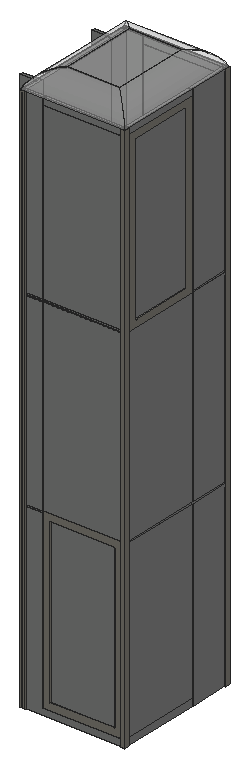
Revit family "Vertical-Lift_Garaventa_Genesis-Enclosure", category Specialty Equipment, Revit 2026 (continued)
Definition of nested family "Genesis Enclosure Model_Core"
  Dimensions and locks (in)
    aligned and locked: plane 22 to Extrusion 5 sketch curve
    aligned and locked: Extrusion 5 sketch curve to plane 21
    aligned and locked: plane 11 to Extrusion 5 sketch curve
    aligned and locked: plane 5 to Extrusion 6
    aligned and locked: Extrusion 6 to plane 12
    aligned and locked: Extrusion 6 to plane 26
    aligned and locked: Extrusion 6 to plane 13
    aligned and locked: plane 15 to Extrusion 6
    aligned and locked: Extrusion 6 to plane 16
    aligned and locked: plane 24 to Extrusion 7
    aligned and locked: Extrusion 7 to plane 27
    aligned and locked: plane 27 to Extrusion 5
    aligned and locked: plane 24 to Revolve 8
    aligned and locked: Extrusion 5 to plane 2
    aligned and locked: level to plane 30
  Automatic sketch dimensions
    Extrusion 3 sketch curve to plane 5 = 0.000"
    Extrusion 3 sketch curve to plane 7 = 0.000"
    Extrusion 3 sketch curve to plane 4 = 0.000"
    Extrusion 3 sketch curve to plane 13 = 0.000"
    Extrusion 6 sketch curve to plane 12 = 0.000"
    Extrusion 6 sketch curve to plane 13 = 0.000"
    Extrusion 6 sketch curve to plane 26 = 0.000"
    Extrusion 6 sketch curve to plane 5 = 0.000"
    Extrusion 7 sketch curve to plane 11 = 0.000"
    Extrusion 7 sketch curve to plane 21 = 0.200"  (x2)
    plane 21 to Extrusion 7 sketch curve = 0.200"
    Extrusion 7 sketch curve to plane 22 = 0.200"
    plane 23 to Extrusion 7 sketch curve = 0.200"
    Revolve 8 sketch curve to plane 24 = 0.000"  (x2)
    plane 11 to Revolve 8 sketch curve = 4.525"
    Revolve 8 sketch curve to Revolve 8 sketch curve = 0.000"
    Revolve 8 sketch curve to Revolve 8 sketch curve = 0.200"
    Revolve 8 sketch curve to Revolve 8 sketch curve = 0.300"
    plane 24 to Revolve 8 sketch curve = 0.250"
    Revolve 8 sketch curve to Revolve 8 sketch curve = 0.3514"
    Revolve 8 sketch curve to Revolve 8 sketch curve = 0.1486"
    profile plane to Sweep 9 sketch curve = 0.000"
    Sweep 9 sketch curve to profile plane = 0.000"
    Sweep 9 sketch curve to plane 12 = 0.000"  (x2)
    Sweep 9 sketch curve to plane 23 = 1.48504"
    Sweep 9 sketch curve to plane 23 = 0.36148"
    Sweep 9 sketch curve to plane 22 = 0.36148"
    Sweep 9 sketch curve to Sweep 9 sketch curve = 1.12356"
    plane 12 to Sweep 9 sketch curve = 1.000"
    radius of Sweep 9 sketch curve = 0.750"
